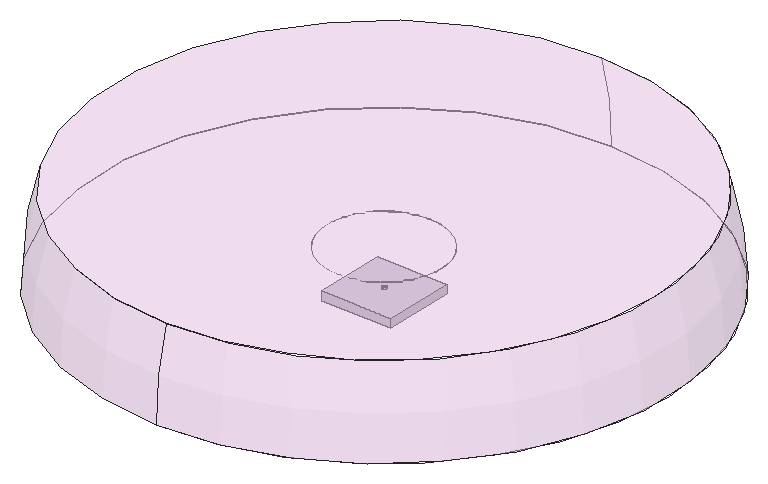
Revit family "_Camera-Security-Panasonic-360-degree-Vandal_Resistant-Outdoor-Dome-Network-X4573L", category Security Devices, host Face, Revit 2019
Family settings
  Host = Face
  Maintain Annotation Orientation = No
  Round Connector Dimension = Use Diameter
  Part Type = Normal
  OmniClass Number = 23.85.10.14.11
  OmniClass Title = Cameras
  Cut with Voids When Loaded = No
  Shared = No
  Room Calculation Point = No
Parameters (values of type "WV-X4573LM")
  z Void Direction [instance] = if((if(On Wall, 1, 0) + if(On Ceiling, 1, 0)) = 1, if(On Ceiling, 0, 1), 0)  # 0
  z Vertical FOV = 183.00°  # constant formula
  z VV Origin Height Offset [instance] = Height  # 2.37402"
  z VV Origin Height [instance] = 0.000"
  z Lenz to PPM Target X [instance] = 0.07874" * Focal Length * 1000 / (PPM Actual * Scanning Area H / Horizontal Resolution) - z Lenz to PPM Target H  # 152.79425"
  z Lenz to PPM Target H [instance] = if(z Void Direction = 0, Distance to Floor - PPM Target Height - z VV Origin Height Offset, Distance to Floor - PPM Target Height)  # 45.65748"
  z Horizontal FOV = 183.00°  # constant formula
  z Camera Center Y Axis Offset [instance] = 0.000"
  z Camera Bottom Offset [instance] = 0.000"
  z Camera Angle [instance] = 0.00°
  z Camera Axis Const Length = 7.87402"
  z Base Radius [instance] = Base Diameter / 2  # 3.22835"
  Water and Dust Resistance = "IP66(IEC60529), Type 4X(UL50), NEMA 4X compliant"  # constant formula
  Shock Resistance = "50J (IEC 60068-2-75 compliant), IK10 (IEC 62262)"  # constant formula
  Resolution_9M [instance] = yes
  Resolution_4M [instance] = not(Resolution_9M)  # no
  Base Height Offset [instance] = if(Use Base Bracket, Base Height, 0.000")  # 0.000"
  Base Height = 1.41732"
  Wide Dynamic Range = yes
  Weight [instance] = if(Use Base Bracket, 2.87 lbf, 1.94 lbf)  # 1.94 lbf
  Voltage DC = 12 V
  Vandal Resistant = yes
  Use Base Bracket [instance] = no
  Use Attachment Plate [instance] = not(Use Base Bracket)  # yes
  URL = "http://security.panasonic.com/pss/security/"
  Storage Temperature = "-22 °F to 140 °F"  # constant formula
  Show View Volume [instance] = yes
  Scanning Area V = 0.21811"  # constant formula
  Scanning Area H = 0.21811"  # constant formula
  Regulatory Compliance = "UL (UL60950-1), c-UL (CSA C22.2 No.60950-1), CE, IEC60950-1, FCC (Part15 ClassA), ICES003 ClassA, EN55022 ClassB, EN55024"  # constant formula
  Radius_3 [instance] = 1.2126"
  Radius_2 [instance] = 1.35528"
  Radius_1 [instance] = Diameter / 2  # 3.0315"
  Provide Feedback = "https://www.surveymonkey.com/s/95FL6QY"
  Product Page URL = "https://security.panasonic.com/products_technology/products/wv-x4573lm/"
  Product Material = Paint - Panasonic - Sail White
  Product Documentation Link = "https://bizpartner.panasonic.net/public/ppr/product/11431?accordion_tab=96"
  Power Active = 12.5 W
  Part Number = Model  # "WV-X4573LM"
  Part Description = Description  # "Security Camera, H.264/H.265 360-degree, Vandal Resistant, Outdoor, Dome, 9 Megapixel, Network, X4573LM"
  PPM Target Height [instance] = 70.07874"
  PPM Desired [instance] = 300
  PPM Actual [instance] = if(PPM Desired > 1, PPM Desired, 1)  # 300
  Original Creation Date = "2018/01/15"
  Operational Temperature [instance] = "-40 °F to 140 °F"  # constant formula
  Operational Humidity = "10% to 100 % (no condensation)"  # constant formula
  On Wall [instance] = no
  On Ceiling [instance] = yes
  Mounting Positions = "Mount Dependent or Surface Mount"
  Model Disclaimer = "Contact Panasonic for more information"  # constant formula
  Model = "WV-X4573LM"
  Minimum Illumination = 0.3 lx
  Manufacturer = "Panasonic"  # constant formula
  Indoor Or Outdoor = "Outdoor"  # constant formula
  IP Or Analog = "IP"
  Horizontal Resolution [instance] = if(Resolution_9M, 2992, 2192)  # 2992
  Height_Offset5 = 1.44663"
  Height_Offset4 [instance] = 0.39438"
  Height_Offset3 [instance] = (Height - Height_Offset2) * 0.278  # 0.29989"
  Height_Offset2 [instance] = 1.29528"
  Height_Offset1 [instance] = 0.69685"
  Height [instance] = 2.37402"
  Has POE = yes
  Focal Length = 0.05512"
  Family Version = "1.0.0"  # constant formula
  Equipment Number [instance] = ""
  Equipment Abbreviation = "SC"
  Distance to Screen [instance] = 393.70079"
  Distance to PPM Target [instance] = if(z Lenz to PPM Target X < z Lenz to PPM Target H, 0.000", sqrt(z Lenz to PPM Target X ^ 2 - z Lenz to PPM Target H ^ 2))  # 145.81316"
  Distance to Floor [instance] = 118.11024"
  Distance to Ceiling [instance] = 0.000"
  Diameter [instance] = 6.06299"
  Description = "Security Camera, H.264/H.265 360-degree, Vandal Resistant, Outdoor, Dome, 9 Megapixel, Network, X4573LM"
  Default Elevation = 0.000"
  Day Or Night = "N/A"  # constant formula
  Date Last Modified = "2020/10/28"
  Copyright = "Copyright © Panasonic"  # constant formula
  Communication Ports = "10Base-T / 100Base-TX, M12 connector"
  z Camera Center X Axis Offset [instance] = 0.000"
  Base Diameter [instance] = 6.45669"
  Audio Out = "3.5 mm stereo mini jack"  # constant formula
  Audio In = "3.5 mm stereo mini jack"  # constant formula
  Angle Of View = "183"  # constant formula
  Alarm Input Or Output Specification = "ALARM IN1 (Alarm input 1/ Auto time adjustment input) (x1), ALARM IN2 (Alarm input 2/ ALARM OUT) (x1), ALARM IN3 (Alarm input 3/ AUX OUT) (x1)"  # constant formula
  Accessory Part Number [instance] = if(Use Attachment Plate, "Attachment Plate", "Base Bracket")  # "Attachment Plate"
Types (4): name | Product Page URL | Product Documentation Link | Part Number | Part Description | Model | Description | Date Last Modified | Communication Ports
  WV-X4571L | "https://security.panasonic.com/products/wv-x4571l/" | "http://ssbu-t.psn-web.net/Products/IP_camera/WV-X4571L/Specsheet/WV-X4571L_A4.pdf" | "WV-X4571L" | "Security Camera, H.264/H.265 360-degree, Vandal Resistant, Outdoor, Dome, 9 Megapixel, Network, X4571L" | "WV-X4571L" | "Security Camera, H.264/H.265 360-degree, Vandal Resistant, Outdoor, Dome, 9 Megapixel, Network, X4571L" | "2018/01/15" | "10Base-T / 100Base-TX, RJ-45"
  WV-X4571LM | "https://security.panasonic.com/products/wv-x4571lm/" | "http://ssbu-t.psn-web.net/Products/IP_camera/WV-X4571L/Specsheet/WV-X4571LM_A4.pdf" | "WV-X4571LM" | "Security Camera, H.264/H.265 360-degree, Vandal Resistant, Outdoor, Dome, 9 Megapixel, Network, X4571LM" | "WV-X4571LM" | "Security Camera, H.264/H.265 360-degree, Vandal Resistant, Outdoor, Dome, 9 Megapixel, Network, X4571LM" | "2018/01/15" | "10Base-T / 100Base-TX, M12 connector"
  WV-X4573L | "https://security.panasonic.com/products_technology/products/wv-x4573lm/" | "https://bizpartner.panasonic.net/public/ppr/product/11431?accordion_tab=96" | "WV-X4573L" | "Security Camera, H.264/H.265 360-degree, Vandal Resistant, Outdoor, Dome, 9 Megapixel, Network, X4573L" | "WV-X4573L" | "Security Camera, H.264/H.265 360-degree, Vandal Resistant, Outdoor, Dome, 9 Megapixel, Network, X4573L" | "2020/10/28" | "10Base-T / 100Base-TX, RJ-45"
  WV-X4573LM | "https://security.panasonic.com/products_technology/products/wv-x4573lm/" | "https://bizpartner.panasonic.net/public/ppr/product/11431?accordion_tab=96" | "WV-X4573LM" | "Security Camera, H.264/H.265 360-degree, Vandal Resistant, Outdoor, Dome, 9 Megapixel, Network, X4573LM" | "WV-X4573LM" | "Security Camera, H.264/H.265 360-degree, Vandal Resistant, Outdoor, Dome, 9 Megapixel, Network, X4573LM" | "2020/10/28" | "10Base-T / 100Base-TX, M12 connector"
Reference planes (in)
  plane 1 "Center (Front/Back)": y = 0
  plane 2: z = 0
  plane 3 "Center (Left/Right)": x = 0
  plane 4: y = 0
  plane 5: z = 0
  plane 6: x = 0
Forms (in)
  Extrusion 1, solid
    sketch origin (0, 0, 0) x (1, 0, 0) y (0, 1, 0)
      loop
        line (-48, 48) -> (-48, -48) -> (48, -48) -> (48, 48) -> (-48, 48)
    from 0 to -12
  Revolve 2, solid, material "Paint - Panasonic - Sail White" <- "Product Material"
    sketch origin (0, 0, 0) x (0, 0, 1) y (-1, 0, 0)
      loop
        line (1.67717, 0) -> (0, 0) -> (0, -3.0315) -> (1.07874, -3.0315) -> (1.67717, -1.35528) -> (1.67717, 0)
      axis (1.67717, 0) -> (0, 0)
    angle from 360 to 0
  Revolve 3, solid, material "Glass - Panasonic - Smoked"
    sketch origin (0, 0, 0) x (0, 0, 1) y (-1, 0, 0)
      loop
        line (2.37402, 0) -> (1.67717, 0) -> (1.67717, -1.2126)
        arc (1.67717, -1.2126) -> (2.19189, -0.70187) -> (2.37402, 0) r 1.37064
      axis (2.37402, 0) -> (1.67717, 0)
    angle from 360 to 0
  Revolve 4, solid, material "Paint - Panasonic - Sail White" <- "Product Material"
    sketch origin (0, 0, 0) x (0, 0, 1) y (-1, 0, 0)
      loop
        line (0.77885, -2.87402) -> (0, -2.87402) -> (0, -3.0315) -> (0.77885, -3.0315) -> (0.77885, -2.87402)
      axis (0.77885, 0) -> (0, 0)
    angle from 30 to -30
  Revolve 5, solid, material "Paint - Panasonic - Sail White" <- "Product Material"
    sketch origin (0, 0, 0) x (0, 0, 1) y (-1, 0, 0)
      loop
        line (0.77885, -2.87402) -> (0, -2.87402) -> (0, -3.0315) -> (0.77885, -3.0315) -> (0.77885, -2.87402)
      axis (0.77885, 0) -> (0, 0)
    angle from 150 to 90
  Revolve 6, solid, material "Paint - Panasonic - Sail White" <- "Product Material"
    sketch origin (0, 0, 0) x (0, 0, 1) y (-1, 0, 0)
      loop
        line (0.77885, -2.87402) -> (0, -2.87402) -> (0, -3.0315) -> (0.77885, -3.0315) -> (0.77885, -2.87402)
      axis (0.77885, 0) -> (0, 0)
    angle from 270 to 210
  Revolve 7, solid, material "Paint - Panasonic - Sail White" <- "Product Material", visible <- "Use Base Bracket"
    sketch origin (0, 0, 0) x (0, 0, 1) y (-1, 0, 0)
      loop
        line (1.41732, 0) -> (0, 0) -> (0, -3.22835) -> (1.41732, -3.22835) -> (1.41732, 0)
      axis (1.41732, 0) -> (0, 0)
    angle from 360 to 0
Lines and regions (in)
  symbolic lines, not visible
    curve 1: line (-1.15, -2.6875, 0) -> (1.15, -2.6875, 0)
  reference lines
    curve 2: line (0, 0, 0) -> (0, 0, 7.87402)
    curve 3: line (0, 0, 0) -> (5.70866, 0, 0)
    curve 4: line (0, 0, 0) -> (4.72441, 0, 0)
    curve 5: line (0, 0, 1.67717) -> (5, 0, 1.67717)
    curve 6: line (0, 0, 0.77885) -> (4.6063, 0, 0.77885)
    curve 7: line (0, 0, 1.07874) -> (3.8189, 0, 1.07874)
    curve 8: line (0, 0, 2.37402) -> (2.83465, 0, 2.37402)
    curve 9: line (1.2126, 0, 3.04376) -> (1.2126, 0, 0)
    curve 10: line (1.35528, 0, 3.04376) -> (1.35528, 0, 0)
    curve 11: line (2.87402, 0, 3.04376) -> (2.87402, 0, 0)
    curve 12: line (3.0315, 0, 3.04376) -> (3.0315, 0, 0)
    curve 13: line (3.22835, 0, 3.04376) -> (3.22835, 0, 0)
    curve 14: line (0, 0, 1.41732) -> (6.69291, 0, 1.41732)
Dimensions and locks (in)
  plane 1 "Center (Front/Back)" to plane 4 = 0.000"
  "z Camera Center Y Axis Offset": plane 4 to plane 1 "Center (Front/Back)"
  "z Camera Center Y Axis Offset": plane 5 to level
  "z Camera Center X Axis Offset": plane 3 "Center (Left/Right)" to plane 6
  "z Camera Axis Const Length": curve 2 to curve 2
  "Base Height Offset": curve 4 to curve 3
  "Height": curve 8 to curve 4
  "z Base Radius": curve 13 to curve 2
  "Radius_1": curve 12 to curve 2
  "Radius_2": curve 10 to curve 2
  "Radius_3": curve 9 to curve 2
  curve 11 to curve 12 = 0.15748"
  "Height_Offset3": curve 7 to curve 6
  "Height_Offset1": curve 8 to curve 5
  "Height_Offset2": curve 8 to curve 7
  "Base Height": curve 14 to curve 3
  "z Camera Angle": angle plane 6 to curve 2
  aligned and locked: plane 2 to Extrusion 1
  aligned and locked: level to Extrusion 1
  aligned and locked: plane 5 to curve 2
  aligned and locked: plane 6 to curve 2
  aligned and locked: curve 2 to curve 4
  aligned and locked: curve 2 to curve 5
  aligned and locked: curve 2 to curve 6
  aligned and locked: curve 2 to curve 7
  aligned and locked: curve 2 to curve 8
  aligned and locked: curve 3 to curve 13
  aligned and locked: Revolve 2 sketch curve to curve 2
  aligned and locked: Revolve 3 sketch curve to curve 2
  aligned and locked: Revolve 3 sketch curve to curve 8
  aligned and locked: Revolve 2 to Revolve 3 sketch curve
  aligned and locked: curve 9 to Revolve 3 sketch curve
  aligned and locked: Revolve 2 sketch curve to curve 4
  aligned and locked: curve 10 to Revolve 2 sketch curve
  aligned and locked: curve 7 to Revolve 2 sketch curve
  aligned and locked: curve 12 to Revolve 2 sketch curve
  aligned and locked: curve 2 to curve 14
  aligned and locked: curve 4 to Revolve 4 sketch curve
  aligned and locked: curve 11 to Revolve 4 sketch curve
  aligned and locked: Revolve 4 sketch curve to curve 12
  aligned and locked: Revolve 4 sketch curve to curve 2
  aligned and locked: Revolve 5 sketch curve to curve 6
  aligned and locked: curve 4 to Revolve 5 sketch curve
  aligned and locked: curve 11 to Revolve 5 sketch curve
  aligned and locked: Revolve 5 sketch curve to curve 12
  aligned and locked: Revolve 5 sketch curve to curve 2
  aligned and locked: Revolve 6 sketch curve to curve 6
  aligned and locked: curve 4 to Revolve 6 sketch curve
  aligned and locked: curve 11 to Revolve 6 sketch curve
  aligned and locked: Revolve 6 sketch curve to curve 12
  aligned and locked: Revolve 6 sketch curve to curve 2
  aligned and locked: Revolve 7 sketch curve to curve 2  (x2)
  aligned and locked: Revolve 7 sketch curve to curve 14
  aligned and locked: Revolve 7 sketch curve to curve 3
  aligned and locked: Revolve 7 sketch curve to curve 13
  aligned and locked: nested 1 to curve 2  (x2)
Automatic sketch dimensions
  Extrusion 1 sketch curve to Extrusion 1 sketch curve = 96.000"  (x2)
  curve 1 to plane 3 "Center (Left/Right)" = 1.150"
  plane 3 "Center (Left/Right)" to curve 1 = 1.150"
  plane 1 "Center (Front/Back)" to curve 1 = 2.6875"
  Revolve 3 sketch curve to curve 2 = 0.000"
  curve 2 to Revolve 3 sketch curve = 0.01893"
  Revolve 3 sketch curve to Revolve 3 sketch curve = 0.15557"
  Revolve 3 sketch curve to Revolve 3 sketch curve = 0.08072"
  Revolve 2 sketch curve to curve 2 = 0.000"
  Revolve 2 sketch curve to Revolve 2 sketch curve = 0.59843"
  Revolve 2 sketch curve to Revolve 2 sketch curve = 0.57874"
  Revolve 2 sketch curve to Revolve 2 sketch curve = 0.79066"
  Revolve 4 sketch curve to Revolve 4 sketch curve = 0.77885"
  curve 2 to Revolve 4 sketch curve = 1.11811"
  Revolve 4 sketch curve to Revolve 4 sketch curve = 1.5748"
  curve 2 to Revolve 5 sketch curve = 1.19983"
  Revolve 5 sketch curve to Revolve 5 sketch curve = 1.49308"
  curve 2 to Revolve 6 sketch curve = 1.14678"
  Revolve 6 sketch curve to Revolve 6 sketch curve = 1.23803"
  Revolve 7 sketch curve to curve 2 = 0.75231"
  Revolve 7 sketch curve to Revolve 7 sketch curve = 0.38943"
  curve 3 to curve 2 = 0.000"  (x2)
  curve 3 to curve 2 = 5.70866"
  curve 4 to curve 2 = 4.72441"
  curve 8 to curve 13 = 0.66975"
  curve 8 to curve 10 = 0.66975"
  curve 12 to curve 13 = 0.000"
  curve 11 to curve 12 = 0.000"
  curve 9 to curve 10 = 0.000"
  curve 14 to curve 2 = 6.69291"
  curve 5 to curve 2 = 5.000"
  curve 6 to curve 2 = 4.6063"
  curve 6 to curve 7 = 0.7874"
  curve 11 to curve 8 = 0.03937"
Nested families (in)
  nested 1: "Camera-Security-Panasonic-ViewVolume360" at (0, 0, 2.37402), On Wall <- "On Wall", On Ceiling <- "On Ceiling", HFOV <- "z Horizontal FOV", Floor Distance <- "Distance to Floor", Ceiling Distance <- "Distance to Ceiling", VFOV <- "z Vertical FOV", Screen Depth <- "Distance to Screen", Base Angle Offset <- "z Camera Angle", Base Height Offset <- "z VV Origin Height", visible <- "Show View Volume", type "Camera-Security-Panasonic-ViewVolume360"
    with z Yaw Actual 0.00°, z Void Width 826.77165", z Void Thickness 393.70079", z Void Height Start -413.38583", z Void Height End 413.38583", z Void Direction 0, z Void Angle 0.00°, z Viewpoint Origin Horizontal Offset 0.000", z Tilt Actual 0.00°, z Target Visible yes, z Target Horizontal Distance 78.74016", z Target Depth 48.0315", z Screen Depth 393.70079", z Pan Actual 0.00°, z Floor Distance 118.11024", z FOV Half 91.50°, z Ceiling Distance 0.000", z Camera Back Void Depth 397.6378", VFOV 183.00°, Target Horizontal Distance 78.74016", Screen Depth 393.70079", On Wall no, On Default Mount Type 0, On Ceiling yes, Object Height 70.07874", HFOV 183.00°, Floor Distance 118.11024", Ceiling Distance 0.000", Base Height Offset 0.000", Base Angle Offset 0.00°
Connectors (in)
  electrical at (0, 0, 0), driven by "Voltage DC", driven by "Power Active"
    settings: on Revolve 2, index 1, voltage 12 V, apparent load 12.5 W, apparent load phase1 0.0 W, apparent load phase2 0.0 W, apparent load phase3 0.0 W, power factor 1, load classification "Other", number of poles 1, system type 30, power factor state 1, is connector primary yes, connector utility no, sub classification motor no, connector description "Electrical Connection"
  electrical at (0, 0, 0)
    settings: on Revolve 2, index 2, voltage 0 V, apparent load 0.0 W, apparent load phase1 0.0 W, apparent load phase2 0.0 W, apparent load phase3 0.0 W, power factor 1, load classification "Other", number of poles 1, system type 5, power factor state 1, is connector primary no, connector utility no, sub classification motor no, connector description "Data Connection"
Definition of nested family "Camera-Security-Panasonic-ViewVolume360"
  Parameters (values of type "Camera-Security-Panasonic-ViewVolume360")
    z Yaw Actual [instance] = 0.00°  # constant formula
    z Void Width [instance] = z Screen Depth * 2 + 39.37008"  # 826.77165"
    z Void Thickness [instance] = z Screen Depth + abs(Base Height Offset)  # 399.6063"
    z Void Height Start [instance] = -z Void Width / 2  # -413.38583"
    z Void Height End [instance] = z Void Width / 2  # 413.38583"
    z Void Direction [instance] = if((if(On Wall, 1, 0) + if(On Ceiling, 1, 0)) = 1, if(On Ceiling, 0, 1), On Default Mount Type)  # 0
    z Tilt Actual [instance] = if(z Void Direction = 0, 0.00°, if(z Void Direction = 1, 90.00°, 0.00°))  # 0.00°
    z Target Visible [instance] = and(Target Horizontal Distance > 0.03937", z Target Depth < z Screen Depth, z Target Depth > 3.93701")  # yes
    z Target Horizontal Distance [instance] = if(Target Horizontal Distance < 3.93701", 3.93701", Target Horizontal Distance)  # 78.74016"
    z Target Depth [instance] = if(if(z Void Direction = 0, z Floor Distance - Object Height - Base Height Offset, z Floor Distance - Object Height) < 3.93701", 3.93701", if(z Void Direction = 0, z Floor Distance - Object Height - Base Height Offset, z Floor Distance - Object Height))  # 42.12598"
    z Pan Actual [instance] = 0.00°  # constant formula
    z Floor Distance [instance] = if(Floor Distance < 3.93701", 3.93701", Floor Distance)  # 118.11024"
    z FOV Half [instance] = HFOV / 2  # 80.00°
    z Const Yaw Base2 Length = 17.32283"  # constant formula
    z Const Tilt Base2 Length = 19.68504"  # constant formula
    z Ceiling Distance [instance] = if(Ceiling Distance < 0.000", 0.000", Ceiling Distance)  # 0.000"
    z Const Void Handle Length = 23.62205"  # constant formula
    z Void Angle [instance] = if(z Void Direction = 0, 0.00° + Base Angle Offset, if(z Void Direction = 1, 90.00° + Base Angle Offset, 180.00° + Base Angle Offset))  # 0.00°
    z Screen Depth [instance] = if(Screen Depth < 7.87402", 7.87402", Screen Depth)  # 393.70079"
    z Camera Back Void Depth [instance] = z Screen Depth + z Screen Depth * 0.01  # 397.6378"
    Target Horizontal Distance [instance] = 78.74016"
    Original Creation Date = "September, 15, 2016"  # constant formula
    On Default Mount Type [instance] = 0
    Object Height [instance] = 70.07874"
    Manufacturer = "Panasonic"  # constant formula
    Family Version = "1.0.0"  # constant formula
    Default Elevation = 48.000"
    Date Last Modified = "September, 15, 2016"  # constant formula
    Copyright = "Copyright © Panasonic"  # constant formula
    Base Height Offset [instance] = 5.90551"
    Base Angle Offset [instance] = 0.00°
    VFOV [instance] = 33.75°
    z Target Thickness = 0.19685"  # constant formula
    Screen Depth [instance] = 393.70079"
    z Const Yaw Handle Length = 9.25197"  # constant formula
    z Const Yaw Base Length = 10.23622"  # constant formula
    z Viewpoint Origin Horizontal Offset [instance] = 0.000"  # constant formula
    z Const Tilt Handle Length = 14.17323"  # constant formula
    z Const Tilt Base Length = 9.84252"  # constant formula
    z Const Pan Handle Length = 19.68504"  # constant formula
    z Const Pan Axis Length = 15.74803"  # constant formula
    On Wall [instance] = no
    On Ceiling [instance] = yes
    HFOV [instance] = 160.00°
    Floor Distance [instance] = 118.11024"
    Ceiling Distance [instance] = 0.000"
  Reference planes (in)
    plane 1 "Center (Front/Back)": y = 0
    plane 2: z = 0
    plane 3 "Center (Left/Right)": x = 0
    plane 4 "VoidOffsetBase": z = -5.90551
  Forms (in)
    Extrusion 1, void
      sketch origin (0, 0, -5.90551) x (0, 0, 1) y (0, -1, 0)
        loop
          line (517.71654, 413.38583) -> (118.11024, 413.38583) -> (118.11024, -413.38583) -> (517.71654, -413.38583) -> (517.71654, 413.38583)
        loop
          line (0, 413.38583) -> (-399.6063, 413.38583) -> (-399.6063, -413.38583) -> (0, -413.38583) -> (0, 413.38583)
      from -413.38583 <- "z Void Height Start" to 413.38583 <- "z Void Height End"
    Revolve 2, solid, visible <- "z Target Visible"
      sketch origin (0, 0, 42.12598) x (0, 0, -1) y (0, 1, 0)
        loop
          circle (0, 78.74016) r 0.19685
        axis (0.19685, 0) -> (-0.19685, 0)
      angle from 0 to 360
    Revolve 3, solid
      sketch origin (0, 0, 0) x (0, 1, 0) y (0, 0, 1)
        loop
          line (0, 0) -> (387.71959, 68.36542)
          arc (387.71959, 68.36542) -> (253.06599, 301.5923) -> (0, 393.70079) r 393.70079
          line (0, 393.70079) -> (0, 0)
        axis (0, 0) -> (0, 393.70079)
      angle from 0 to 360
    Revolve 4, void
      sketch origin (0, 0, 0) x (0, 1, 0) y (0, 0, 1)
        loop
          line (0, 0) -> (0, -397.6378)
          arc (0, -397.6378) -> (304.60822, -255.59665) -> (391.59678, 69.04908) r 397.6378
          line (391.59678, 69.04908) -> (0, 0)
        axis (0, -397.6378) -> (0, 69.04908)
      angle from 0 to 360
  Cuts and joins
    Revolve 4 cuts Revolve 2
    Extrusion 1 cuts Revolve 3
  Lines and regions (in)
    reference lines
      curve 1: line (0, 0, 0) -> (19.68504, 0, 0)
      curve 2: line (0, 0, -15.74803) -> (0, 0, 0)
      curve 3: line (0, 0, 0) -> (0, -9.84252, 0)
      curve 4: line (0, 0, 0) -> (0, 0, 19.68504)
      curve 5: line (0, 0, 14.17323) -> (0, 0, 0)
      curve 6: line (0, 0, 0) -> (0, 10.23622, 0)
      curve 7: line (0, 0, 0) -> (-17.32283, 0, 0)
      curve 8: line (0, 0, 0) -> (-9.25197, 0, 0)
      curve 9: line (0, 0, 42.12598) -> (0, 0, 0)
      curve 10: line (0, 0, -5.90551) -> (0, 0, 17.71654)
      curve 11: line (0, -413.38583, 511.81102) -> (0, 413.38583, 511.81102)
      curve 12: line (0, -413.38583, 112.20472) -> (0, -413.38583, 511.81102)
      curve 13: line (0, 413.38583, 112.20472) -> (0, -413.38583, 112.20472)
      curve 14: line (0, 413.38583, 511.81102) -> (0, 413.38583, 112.20472)
      curve 15: line (0, -413.38583, -5.90551) -> (0, 413.38583, -5.90551)
      curve 16: line (0, -413.38583, -405.51181) -> (0, -413.38583, -5.90551)
      curve 17: line (0, 413.38583, -405.51181) -> (0, -413.38583, -405.51181)
      curve 18: line (0, 413.38583, -5.90551) -> (0, 413.38583, -405.51181)
  Dimensions and locks (in)
    "z Const Pan Handle Length": curve 1 to curve 1
    "z Const Pan Axis Length": curve 2 to curve 2
    "z Const Tilt Base Length": curve 3 to curve 3
    "z Const Pan Axis Length": curve 1 to curve 2
    "z Viewpoint Origin Horizontal Offset": curve 4 to curve 2
    "z Const Tilt Base2 Length": curve 4 to curve 4
    "z Const Tilt Handle Length": curve 5 to curve 5
    "z Const Yaw Base Length": curve 6 to curve 6
    "z Const Yaw Base2 Length": curve 7 to curve 7
    "z Const Yaw Handle Length": curve 8 to curve 8
    "z Target Depth": curve 9 to curve 9
    "z Const Void Handle Length": curve 10 to curve 10
    equal spacing: curve 12, curve 10, curve 14
    "z Void Width": curve 12 to curve 14
    "z Floor Distance": curve 13 to curve 10
    "z Ceiling Distance": curve 15 to curve 10
    "z Void Thickness": curve 17 to curve 15
    "z Void Thickness": curve 11 to curve 13
    "Base Height Offset": level to plane 4 "VoidOffsetBase"
    "z Target Horizontal Distance": curve 10 to Revolve 2 sketch curve
    "z Camera Back Void Depth": Revolve 4 sketch curve to Revolve 4 sketch curve  (x2)
    "z Screen Depth": Revolve 3 sketch curve to Revolve 3 sketch curve  (x2)
    "z Target Thickness": radius of Revolve 2 sketch curve
    "z Screen Depth": radius of Revolve 3 sketch curve
    "z Camera Back Void Depth": radius of Revolve 4 sketch curve
    locked: curve 3 to curve 2 (angle 90.00°)
    locked: curve 3 to curve 4 (angle 90.00°)
    "z Tilt Actual": angle curve 4 to curve 5
    locked: curve 6 to curve 7 (angle 90.00°)
    locked: curve 6 to curve 5 (angle 90.00°)
    locked: curve 9 to curve 5 (angle 0.00°)
    "z Void Angle": angle plane 1 "Center (Front/Back)" to curve 10
    "z Yaw Actual": angle curve 7 to curve 8
    "z Pan Actual": angle plane 1 "Center (Front/Back)" to curve 1
    "z FOV Half": angle Revolve 4 sketch curve to plane 1 "Center (Front/Back)"
    "z FOV Half": angle Revolve 3 sketch curve to plane 1 "Center (Front/Back)"
    aligned and locked: level to plane 2
    aligned and locked: curve 2 to curve 1
    aligned and locked: curve 2 to curve 3
    aligned and locked: curve 3 to curve 2
    aligned and locked: curve 3 to curve 5
    aligned and locked: curve 6 to curve 7
    aligned and locked: curve 6 to curve 8
    aligned and locked: curve 8 to curve 7
    aligned and locked: curve 7 to curve 6
    aligned and locked: plane 1 "Center (Front/Back)" to curve 10
    aligned and locked: curve 16 to curve 12
    aligned and locked: curve 14 to curve 18
    aligned and locked: Extrusion 1 sketch curve to curve 11
    aligned and locked: Extrusion 1 sketch curve to curve 12
    aligned and locked: Extrusion 1 sketch curve to curve 13
    aligned and locked: Extrusion 1 sketch curve to curve 14
    aligned and locked: Extrusion 1 sketch curve to curve 15
    aligned and locked: Extrusion 1 sketch curve to curve 16
    aligned and locked: Extrusion 1 sketch curve to curve 17
    aligned and locked: Extrusion 1 sketch curve to curve 18
    aligned and locked: Extrusion 1 sketch curve to Extrusion 1 sketch curve  (x8)
    aligned and locked: plane 3 "Center (Left/Right)" to curve 1
    aligned and locked: plane 1 "Center (Front/Back)" to curve 1
    aligned and locked: level to curve 2
    aligned and locked: plane 4 "VoidOffsetBase" to curve 10
    aligned and locked: plane 1 "Center (Front/Back)" to Revolve 4 sketch curve
    aligned and locked: level to Revolve 4 sketch curve
    aligned and locked: level to Revolve 3 sketch curve
    aligned and locked: plane 1 "Center (Front/Back)" to Revolve 3 sketch curve
  Automatic sketch dimensions
    curve 9 to curve 8 = 0.000"  (x2)
    curve 6 to curve 5 = 0.000"
    curve 6 to curve 5 = 10.23622"
    Revolve 2 sketch curve to curve 9 = 0.000"  (x3)
    curve 9 to Revolve 2 sketch curve = 0.000"
    Revolve 3 sketch curve to level = 0.000"
    Revolve 3 sketch curve to plane 1 "Center (Front/Back)" = 0.000"
    Revolve 3 sketch curve to Revolve 3 sketch curve = 0.000"
    Revolve 4 sketch curve to level = 0.000"
    Revolve 4 sketch curve to plane 1 "Center (Front/Back)" = 0.000"
    Revolve 4 sketch curve to Revolve 4 sketch curve = 107.05185"
